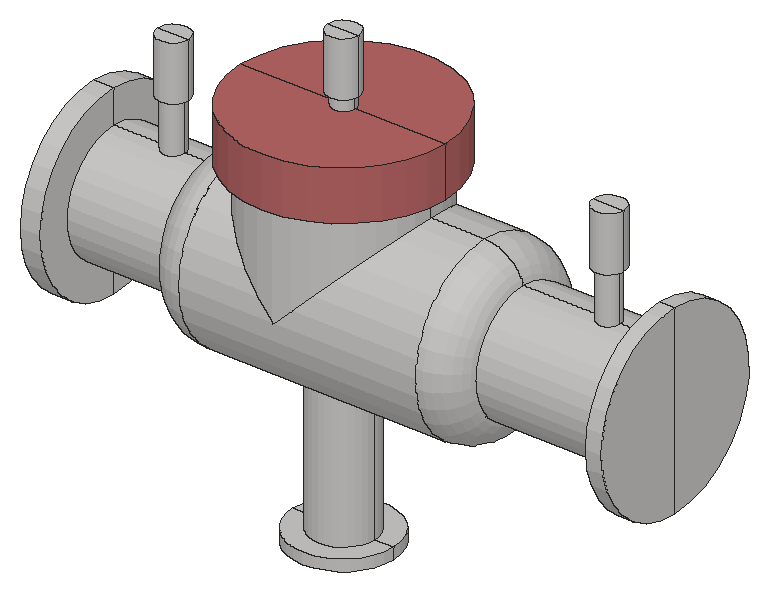
Revit family "Reduced_Pressure_Zone_Assemblies-Backflow_Prevention-LessShutoff-AMES-4000SSOSY_Series", category Pipe Accessories, Revit 2016
Family settings
  Part Type = Valve - Breaks Into
  Round Connector Dimension = Use Radius
  OmniClass Number = 23.65.55.14.21
  OmniClass Title = Non-Return Valves for Liquid Services
  Work Plane-Based = No
  Always vertical = Yes
  Cut with Voids When Loaded = No
  Shared = No
Parameters (values of type "4000SS-OSY - 2.5"")
  Width = 7"
  Valve_OAL = 22"
  URL = "http://www.amesfirewater.com"
  TC_Nipple_Rad = 27/64"
  TC_Body_Rad = 37/64"
  TC_Body_Length = 2 15/256"
  TC3_Dist = 19 1/2"
  TC2_Dist = 3"
  TC1_Dist = 1 1/2"
  Shipping Weight = 60 lbf
  Region = "North America"  # constant formula
  RV_Rad = 1 45/256"
  RV_Flange_Thk = 27/64"
  RV_Flange_Rad = 1 115/128"
  RV_Dist = 8 205/256"
  Product Page URL = "http://www.amesfirewater.com/Products/4000SS"
  Product Documentation Link = "http://media.wattswater.com/ES-A-4000SS.pdf"
  Pressure Rating = 175 psi  # constant formula
  OSY- UL/FM Outside Stem and Yoke, Resilient Seated Gate Valves = yes
  NRS- Non-Rising Stern Resilient Seated Gate Valves = no
  Model = "4000SS"  # constant formula
  Material = "Metal-AMES-300 Series-Stainless Steel"  # constant formula
  Manufacturer = "AMES Fire & Waterworks"  # constant formula
  Length = 37"
  GV_Stem_Rad = 113/256"
  GV_Stem_Dist = GV_OAL / 2  # 3 3/4"
  GV_Out_Flg_Ext_Dist = -73/128"
  GV_OSY_Stem_Hieght = 2 105/128"
  GV_OAL = 7 1/2"
  GV_Handle_Thk = 3/4"
  GV_Handle_Rad = 3 5/8"
  GV_Flow_Rad = 1 77/128"
  GV_Flg_Thk = 73/128"
  GV_Flange_Rad = 3 1/2"
  GV_Bonnet_Hieght = 8"
  GV_Bonnet_Angle = 45.00°
  Flow Rate = "7.5 fps / 2.3 mps"
  Description = "Series 4000SS Reduced Pressure Zone Assemblies prevent the reverse flow of polluted water from entering into the potable water supply due to backsiphonage and or backpressure. It consists of a stainless steel body construction with stainless steel internal parts. The bottom-mounted relief valve is located between the two check valves, making it suitable for installations against an outside wall. Series 4000SS has a compact design with a short lay length, ideal for retrofit installations. The 4000SS is designed for health hazard applications. Check with local water authorities for installation requirements. Maximum Working Pressure: 175psi (12.06 bar)."  # constant formula
  Coupling_Thk = 1 225/256"
  Coupling_Rad = 3 7/8"
  Country = "United States"  # constant formula
  Connection_Rad = 1 1/4"
  Connection Type = "Flanged and/or Grooved Connection"  # constant formula
  Connection Size = Connection_Rad * 2  # 2 1/2"
  Connection Outlet Description = "2-1/2\" Flange Outlet"
  Connection Inlet Description = "2-1/2\" Flange Inlet"
  Chk_In_Cover = 9 113/256"
  Chk_In_Chk_Main = 4 45/128"
  Chk_Flow_Rad = 2 1/4"
  Chk_Flange_Thk = 3/4"
  Chk_Flange_Rad = 3 1/2"
  Chk_Cover_Rad = 3 41/128"
  Chk_Cover_Hieght = 6"
  Chk_Body_Rad = 3 41/128"
  Chk_Body_Length = 11 123/128"
  Chk_Body_Fillet = 1 1/2"
  CL_TC2-3 = 6 31/256"
  CL_TC1 = 4 9/64"
  CL_Cover_TC = 8 133/256"
  Assembly Code = "D2090900"
Types (7): name | Width | Valve_OAL | TC3_Dist | TC2_Dist | TC1_Dist | Shipping Weight | RV_Dist | Length | GV_Stem_Rad | GV_Stem_Dist | GV_Out_Flg_Ext_Dist | GV_OSY_Stem_Hieght | GV_OAL | GV_Handle_Thk | GV_Handle_Rad | GV_Flow_Rad | GV_Flg_Thk | GV_Flange_Rad | GV_Bonnet_Hieght | Coupling_Thk | Coupling_Rad | Connection_Rad | Connection Size | Connection Outlet Description | Connection Inlet Description | Chk_In_Cover | Chk_In_Chk_Main | Chk_Flow_Rad | Chk_Flange_Thk | Chk_Flange_Rad | Chk_Cover_Rad | Chk_Cover_Hieght | Chk_Body_Rad | Chk_Body_Length | Chk_Body_Fillet | CL_TC2-3 | CL_TC1 | CL_Cover_TC | Assembly Code
  (no name) | 7" | 22" | 19 1/2" | 3" | 1 1/2" | 60 lbf | 8 205/256" | 37" | 113/256" | 3 3/4" | -73/128" | 2 105/128" | 7 1/2" | 3/4" | 3 5/8" | 1 77/128" | 73/128" | 3 1/2" | 8" | 1 225/256" | 3 7/8" | 1 1/4" | 2 1/2" | "2-1/2\" Flange Outlet" | "2-1/2\" Flange Inlet" | 9 113/256" | 4 45/128" | 2 1/4" | 3/4" | 3 1/2" | 3 41/128" | 6" | 3 41/128" | 11 123/128" | 1 1/2" | 6 31/256" | 4 9/64" | 8 133/256" | "D2090900"
  4000SS-OSY - 2.5" | 7" | 22" | 19 1/2" | 3" | 1 1/2" | 60 lbf | 8 205/256" | 37" | 113/256" | 3 3/4" | -73/128" | 2 105/128" | 7 1/2" | 3/4" | 3 5/8" | 1 77/128" | 73/128" | 3 1/2" | 8" | 1 225/256" | 3 7/8" | 1 1/4" | 2 1/2" | "2-1/2\" Flange Outlet" | "2-1/2\" Flange Inlet" | 9 113/256" | 4 45/128" | 2 1/4" | 3/4" | 3 1/2" | 3 41/128" | 6" | 3 41/128" | 11 123/128" | 1 1/2" | 6 31/256" | 4 9/64" | 8 133/256" | "D2090900"
  4000SS-OSY - 3" | 7 1/2" | 22" | 19 1/2" | 3" | 1 1/2" | 62 lbf | 8 205/256" | 38" | 141/256" | 4" | -141/256" | 3 51/256" | 8" | 3/4" | 4" | 1 109/128" | 141/256" | 3 189/256" | 10" | 1 225/256" | 3 7/8" | 1 1/2" | 3" | "3\" Flange Outlet" | "3\" Flange Inlet" | 9 113/256" | 4 45/128" | 2 1/4" | 3/4" | 3 189/256" | 3 41/128" | 6" | 3 41/128" | 11 123/128" | 1 1/2" | 6 31/256" | 4 9/64" | 8 133/256" | "D2090900"
  4000SS-OSY - 4" | 9" | 22" | 19 1/2" | 3" | 1 57/64" | 65 lbf | 8 205/256" | 40" | 141/256" | 4 1/2" | -241/256" | 4 3/4" | 9" | 3/4" | 4 105/256" | 2 143/256" | 241/256" | 4 1/2" | 11" | 1 225/256" | 3 7/8" | 2" | 4" | "4\" Flange Outlet" | "4\" Flange Inlet" | 9 113/256" | 4 45/128" | 2 1/4" | 241/256" | 4 1/2" | 3 41/128" | 6" | 3 41/128" | 11 123/128" | 1 1/2" | 6 31/256" | 5 13/128" | 8 133/256" | "D2090900"
  4000SS-OSY - 6" | 11" | 27 1/2" | 24 3/4" | 2 1/4" | 2 13/128" | 110 lbf | 9 53/64" | 48 1/2" | 5/8" | 5 1/4" | -1" | 6 3/4" | 10 1/2" | 3/4" | 5 1/2" | 3 37/64" | 1" | 5 1/2" | 14" | 2 41/128" | 4 7/8" | 3" | 6" | "6\" Flange Outlet" | "6\" Flange Inlet" | 11 151/256" | 3 17/32" | 3 41/128" | 1" | 5 1/2" | 4 41/128" | 7 37/64" | 4 87/256" | 17" | 2" | 7 31/256" | 7 23/64" | 11 115/256" | 0"
  4000SS-OSY - 8" | 13 1/2" | 29 1/2" | 25 159/256" | 3 223/256" | 2 113/256" | 179 lbf | 11 109/128" | 52 1/2" | 169/256" | 5 3/4" | -1 23/128" | 8 1/2" | 11 1/2" | 3/4" | 5 1/2" | 4 17/32" | 1 23/128" | 6 3/4" | 20" | 2 41/128" | 5 7/8" | 4" | 8" | "8\" Flange Outlet" | "8\" Flange Inlet" | 13" | 3 33/256" | 4 21/64" | 1" | 6 3/4" | 5 3/8" | 9 37/128" | 6 23/64" | 23 69/256" | 2" | 10 115/128" | 8 79/256" | 13 39/64" | "D2090900"
  4000SS-OSY - 10" | 16" | 29 1/2" | 25 241/256" | 4 49/256" | 2 143/256" | 189 lbf | 11 109/128" | 55 1/2" | 215/256" | 6 1/2" | -1 23/128" | 11 77/256" | 13" | 1" | 6 7/32" | 5 77/128" | 1 23/128" | 8" | 25" | 2 41/128" | 5 7/8" | 5" | 10" | "10\" Flange Outlet" | "10\" Flange Inlet" | 13 1/32" | 2 51/128" | 5 51/128" | 1 31/256" | 8" | 5 3/8" | 9 67/256" | 6 23/64" | 24 179/256" | 2" | 10 233/256" | 9 95/256" | 13 39/64" | "D2090900"
Reference planes (in)
  plane 1 "Center (Front/Back)": y = 0
  plane 2: z = 0
  plane 3 "GV1_Outlet": x = 10.75
  plane 4 "GV2_Inlet": x = 32.75
  plane 5 "c": x = 21.75
Forms (in)
  Revolve 1, solid, material "Metal-AMES-300 Series-Stainless Steel", detail levels fine
    sketch origin (0, 0, 0) x (1, 0, 0) y (0, 0, 1)
      loop
        line (10.75, 0) -> (10.75, -3.5) -> (11.5, -3.5) -> (11.5, -2.25) -> (32.17969, -2.25) -> (32.17969, -3.5) -> (32.75, -3.5) -> (32.75, 0) -> (10.75, 0)
      axis (10.75, 0) -> (32.75, 0)
    angle from 0 to 360
  Revolve 2, solid, material "Metal-AMES-300 Series-Stainless Steel", detail levels fine
    sketch origin (0, 0, 0) x (1, 0, 0) y (0, 0, 1)
      loop
        line (15.10156, 0) -> (27.0625, 0) -> (27.0625, 1.82031)
        arc (27.0625, 1.82031) -> (26.62316, 2.88097) -> (25.5625, 3.32031) r 1.5
        line (25.5625, 3.32031) -> (16.60156, 3.32031)
        arc (16.60156, 3.32031) -> (15.5409, 2.88097) -> (15.10156, 1.82031) r 1.5
        line (15.10156, 1.82031) -> (15.10156, 0)
      axis (15.10156, 0) -> (27.0625, 0)
    angle from 0 to 360
  Revolve 3, solid, material "Metal-AMES-300 Series-Stainless Steel", detail levels fine
    sketch origin (0, 0, 0) x (1, 0, 0) y (0, 0, 1)
      loop
        line (20.19141, 0) -> (20.19141, 6) -> (16.31641, 6) -> (16.31641, 4.12109) -> (16.87109, 4.12109) -> (16.87109, 0) -> (20.19141, 0)
      axis (20.19141, 6) -> (20.19141, 0)
    angle from 0 to 360
  Revolve 4, solid, material "Metal-AMES-300 Series-Stainless Steel", detail levels fine
    sketch origin (0, 0, 0) x (1, 0, 0) y (0, 0, 1)
      loop
        line (13.75, 0) -> (13.75, 6.12109) -> (13.17188, 6.12109) -> (13.17188, 4.0625) -> (13.32813, 4.0625) -> (13.32813, 0) -> (13.75, 0)
      axis (13.75, 6.12109) -> (13.75, 0)
    angle from 0 to 360
  Revolve 5, solid, material "Metal-AMES-300 Series-Stainless Steel", detail levels fine
    sketch origin (0, 0, 0) x (1, 0, 0) y (0, 0, 1)
      loop
        line (30.25, 0) -> (30.25, 6.12109) -> (29.67188, 6.12109) -> (29.67188, 4.0625) -> (29.82813, 4.0625) -> (29.82813, 0) -> (30.25, 0)
      axis (30.25, 6.12109) -> (30.25, 0)
    angle from 0 to 360
  Revolve 6, solid, material "Metal-AMES-300 Series-Stainless Steel", detail levels fine
    sketch origin (0, 0, 0) x (1, 0, 0) y (0, 0, 1)
      loop
        line (20.19141, 0) -> (20.19141, 8.51953) -> (19.61328, 8.51953) -> (19.61328, 6.46094) -> (19.76953, 6.46094) -> (19.76953, 0) -> (19.01563, 0) -> (19.01563, -8.37891) -> (18.29297, -8.37891) -> (18.29297, -8.80078) -> (20.19141, -8.80078) -> (20.19141, 0)
      axis (20.19141, 8.51953) -> (20.19141, -8.80078)
    angle from 0 to 360
Lines and regions (in)
  Masking region 1, detail levels fine
    outline origin (0, 0, 13.75) x (-1, 0, 0) y (0, -1, 0)
      loop
        line (-10.75, 3.5) -> (-11.5, 3.5) -> (-11.5, 2.25) -> (-15.10156, 2.25)
        arc (-15.10156, 2.25) -> (-15.64275, 3.02334) -> (-16.5387, 3.32031) r 1.5
        line (-16.5387, 3.32031) -> (-25.62536, 3.32031)
        arc (-25.62536, 3.32031) -> (-26.52132, 3.02334) -> (-27.0625, 2.25) r 1.5
        line (-27.0625, 2.25) -> (-32.17969, 2.25) -> (-32.17969, 3.5) -> (-32.75, 3.5) -> (-32.75, -3.5) -> (-32.17969, -3.5) -> (-32.17969, -2.25) -> (-27.0625, -2.25)
        arc (-27.0625, -2.25) -> (-26.52132, -3.02334) -> (-25.62536, -3.32031) r 1.5
        line (-25.62536, -3.32031) -> (-16.5387, -3.32031)
        arc (-16.5387, -3.32031) -> (-15.64275, -3.02334) -> (-15.10156, -2.25) r 1.5
        line (-15.10156, -2.25) -> (-11.5, -2.25) -> (-11.5, -3.5) -> (-10.75, -3.5) -> (-10.75, 3.5)
  symbolic lines, detail levels fine
    curve 1: line (11.5, -2.25, 13.75) -> (11.5, 2.25, 13.75)
    curve 2: line (32.17969, -2.25, 13.75) -> (32.17969, 2.25, 13.75)
    curve 3: circle (13.75, 0, 13.75) r 0.57813 normal (0, 0, 1)
    curve 4: circle (20.19141, 0, 13.75) r 0.57813 normal (0, 0, 1)
    curve 5: circle (20.19141, 0, 13.75) r 1.17578 normal (0, 0, 1)
    curve 6: circle (30.25, 0, 13.75) r 0.57812 normal (0, 0, 1)
  model lines, detail levels coarse+medium
    curve 7: line (18.125, 1.5, 0) -> (21.75, -1.5, 0)
    curve 8: line (21.75, 1.5, 0) -> (25.375, -1.5, 0)
    curve 9: line (21.75, -1.5, 0) -> (21.75, 1.5, 0)
    curve 10: line (30.875, 1.5, 0) -> (25.375, -1.5, 0)
    curve 11: line (30.875, -1.5, 0) -> (25.375, 1.5, 0)
    curve 12: line (25.375, 1.5, 0) -> (25.375, -1.5, 0)
    curve 13: line (30.875, 1.5, 0) -> (30.875, -1.5, 0)
    curve 14: line (12.625, 1.5, 0) -> (18.125, -1.5, 0)
    curve 15: line (12.625, -1.5, 0) -> (18.125, 1.5, 0)
    curve 16: line (18.125, 1.5, 0) -> (18.125, -1.5, 0)
    curve 17: line (12.625, 1.5, 0) -> (12.625, -1.5, 0)
    curve 18: line (10.75, 0, 0) -> (12.625, 0, 0)
    curve 19: line (30.875, 0, 0) -> (32.75, 0, 0)
Dimensions and locks (in)
  "Valve_OAL": plane 4 "GV2_Inlet" to plane 3 "GV1_Outlet"
  "Chk_Flow_Rad": level to Revolve 1 sketch curve
  "Chk_Flange_Rad": level to Revolve 1 sketch curve
  "Chk_Flange_Thk": Revolve 1 sketch curve to Revolve 1 sketch curve
  "GV_Flg_Thk": Revolve 1 sketch curve to Revolve 1 sketch curve
  "Chk_Body_Rad": Revolve 2 sketch curve to level
  "Chk_In_Chk_Main": Revolve 2 sketch curve to plane 3 "GV1_Outlet"
  "Chk_Body_Length": Revolve 2 sketch curve to Revolve 2 sketch curve
  "Chk_In_Cover": Revolve 3 sketch curve to plane 3 "GV1_Outlet"
  "Coupling_Rad": Revolve 3 sketch curve to Revolve 3 sketch curve
  "Chk_Cover_Rad": Revolve 3 sketch curve to Revolve 3 sketch curve
  "Chk_Cover_Hieght": Revolve 3 sketch curve to level
  "Coupling_Thk": Revolve 3 sketch curve to Revolve 3 sketch curve
  "TC2_Dist": Revolve 4 sketch curve to plane 3 "GV1_Outlet"
  "TC_Body_Rad": Revolve 4 sketch curve to Revolve 4 sketch curve
  "TC_Nipple_Rad": Revolve 4 sketch curve to Revolve 4 sketch curve
  "TC_Body_Length": Revolve 4 sketch curve to Revolve 4 sketch curve
  "CL_TC2-3": Revolve 4 sketch curve to level
  "TC3_Dist": Revolve 5 sketch curve to plane 3 "GV1_Outlet"
  "TC_Body_Rad": Revolve 5 sketch curve to Revolve 5 sketch curve
  "TC_Nipple_Rad": Revolve 5 sketch curve to Revolve 5 sketch curve
  "Chk_In_Cover": Revolve 6 sketch curve to plane 3 "GV1_Outlet"
  "TC_Body_Rad": Revolve 6 sketch curve to Revolve 6 sketch curve
  "TC_Nipple_Rad": Revolve 6 sketch curve to Revolve 6 sketch curve
  "TC_Body_Length": Revolve 6 sketch curve to Revolve 6 sketch curve
  "CL_Cover_TC": Revolve 6 sketch curve to level
  "RV_Rad": Revolve 6 sketch curve to Revolve 6 sketch curve
  "RV_Flange_Rad": Revolve 6 sketch curve to Revolve 6 sketch curve
  "RV_Flange_Thk": Revolve 6 sketch curve to Revolve 6 sketch curve
  "RV_Dist": level to Revolve 6 sketch curve
  "Chk_Flow_Rad": Masking region 1 sketch curve to plane 1 "Center (Front/Back)"  (x2)
  "Chk_Body_Rad": plane 1 "Center (Front/Back)" to Masking region 1 sketch curve
  "Chk_Body_Rad": Masking region 1 sketch curve to plane 1 "Center (Front/Back)"
  curve 12 to curve 11 to curve 13 = 2 3/4" locked, 2 3/4" locked
  curve 17 to curve 15 to curve 16 = 2 3/4" locked, 2 3/4" locked
  equal spacing: plane 3 "GV1_Outlet", plane 5 "c", plane 4 "GV2_Inlet"
  "Chk_Body_Length": Masking region 1 sketch curve to Masking region 1 sketch curve  (x2)
  "Chk_In_Chk_Main": plane 3 "GV1_Outlet" to Masking region 1 sketch curve  (x2)
  "Chk_Flange_Rad": plane 1 "Center (Front/Back)" to Masking region 1 sketch curve  (x2)
  "Chk_Flange_Rad": Masking region 1 sketch curve to plane 1 "Center (Front/Back)"  (x2)
  "Chk_Body_Fillet": radius of Revolve 2 sketch curve  (x2)
  aligned and locked: level to Revolve 1 sketch curve
  aligned and locked: Revolve 1 sketch curve to Revolve 1 sketch curve
  aligned and locked: Revolve 1 sketch curve to plane 3 "GV1_Outlet"
  aligned and locked: plane 4 "GV2_Inlet" to Revolve 1 sketch curve
  aligned and locked: Revolve 1 sketch curve to level
  aligned and locked: Revolve 2 sketch curve to level  (x2)
  aligned and locked: Revolve 3 sketch curve to level
  aligned and locked: Revolve 3 sketch curve to Revolve 3 sketch curve
  aligned and locked: Revolve 4 sketch curve to level
  aligned and locked: Revolve 4 sketch curve to Revolve 4 sketch curve
  aligned and locked: Revolve 5 sketch curve to level
  aligned and locked: Revolve 4 to Revolve 5 sketch curve
  aligned and locked: Revolve 5 sketch curve to Revolve 4
  aligned and locked: Revolve 5 sketch curve to Revolve 5 sketch curve
  aligned and locked: Revolve 6 sketch curve to Revolve 6 sketch curve
  aligned and locked: Revolve 6 sketch curve to level
  aligned and locked: Revolve 1 to Masking region 1 sketch curve  (x2)
  aligned and locked: Masking region 1 sketch curve to Revolve 1  (x2)
  aligned and locked: Masking region 1 sketch curve to Masking region 1 sketch curve  (x2)
  aligned and locked: curve 2 to Masking region 1  (x2)
  aligned and locked: Masking region 1 to curve 2
  aligned and locked: curve 1 to Masking region 1  (x2)
  aligned and locked: Masking region 1 to curve 1
  aligned and locked: curve 3 to Revolve 4
  aligned and locked: curve 4 to Revolve 6
  aligned and locked: curve 5 to Revolve 6
  aligned and locked: curve 6 to Revolve 5
  aligned and locked: Masking region 1 sketch curve to plane 3 "GV1_Outlet"
  aligned and locked: plane 4 "GV2_Inlet" to Masking region 1 sketch curve
  aligned and locked: curve 17 to curve 18
  aligned and locked: plane 5 "c" to curve 9
  aligned and locked: plane 1 "Center (Front/Back)" to curve 18
  aligned and locked: plane 3 "GV1_Outlet" to curve 18
  aligned and locked: plane 4 "GV2_Inlet" to curve 19
  aligned and locked: curve 13 to curve 19
Automatic sketch dimensions
  Revolve 3 sketch curve to level = 0"
  Revolve 3 sketch curve to Revolve 3 sketch curve = 0"
  level to Revolve 4 sketch curve = 0.12"
  Revolve 4 sketch curve to Revolve 4 sketch curve = 0"
  Revolve 5 sketch curve to level = 0"
  Revolve 5 sketch curve to Revolve 5 sketch curve = 0"
  Revolve 6 sketch curve to level = 0"  (x2)
  Revolve 6 sketch curve to Revolve 6 sketch curve = 0"
  plane 1 "Center (Front/Back)" to curve 19 = 0"
  plane 1 "Center (Front/Back)" to curve 14 = 1 1/2"
  plane 1 "Center (Front/Back)" to curve 15 = 1 1/2"
  plane 1 "Center (Front/Back)" to curve 7 = 1 1/2"
  plane 1 "Center (Front/Back)" to curve 12 = 1 1/2"
  curve 11 to curve 19 = 1 1/2"
  curve 12 to plane 1 "Center (Front/Back)" = 1 1/2"
  curve 18 to curve 17 = 1 1/2"
  curve 16 to plane 1 "Center (Front/Back)" = 1 1/2"
  curve 10 to plane 1 "Center (Front/Back)" = 1 1/2"
  curve 9 to plane 1 "Center (Front/Back)" = 1 1/2"
  Revolve 1 sketch curve to plane 3 "GV1_Outlet" = 67.41868"
  Revolve 1 sketch curve to Revolve 1 sketch curve = 28.84541"
  Revolve 2 sketch curve to plane 3 "GV1_Outlet" = 67.41868"
  plane 4 "GV2_Inlet" to Revolve 2 sketch curve = 28.84541"
  Masking region 1 sketch curve to Masking region 1 sketch curve = 1.43714"  (x4)
Connectors (in)
  piping at (10.75, 0, 0), diameter 2.5, driven by "Connection Inlet Description", driven by "Connection_Rad"
    settings: on Revolve 1, index 3, connector inside diameter 24", connector length 0", flow factor 0, pipe flow 0 GPM, pressure drop 0.00 psi, fitting loss kfactor 0, connector angle 0.00°, fixture units 0, engagement length 0", angle of deflection 0.00°, flow configuration 0, flow direction 1, fitting loss method 0, system type 29, joint type 0, gender type 0, connector reference index -1, connector utility 0, adjustable connector no, is connector primary yes, connector description "2-1/2\" Flange Inlet"
  piping at (32.75, 0, 0), diameter 2.5, driven by "Connection_Rad", driven by "Connection Outlet Description"
    settings: on Revolve 1, index 4, connector inside diameter 24", connector length 0", flow factor 0, pipe flow 0 GPM, pressure drop 0.00 psi, fitting loss kfactor 0, connector angle 0.00°, fixture units 0, engagement length 0", angle of deflection 0.00°, flow configuration 0, flow direction 2, fitting loss method 0, system type 29, joint type 0, gender type 0, connector reference index -1, connector utility 0, adjustable connector no, is connector primary no, connector description "2-1/2\" Flange Outlet"
